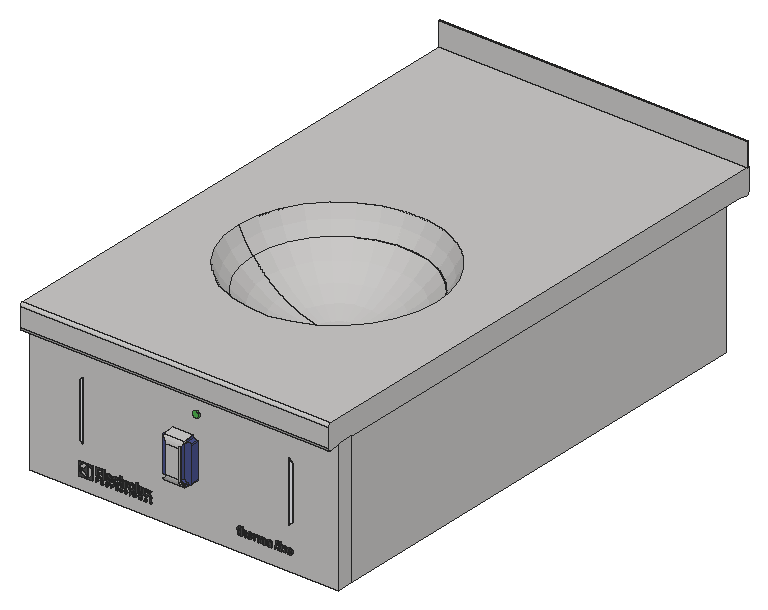
Revit family "QF_ELECTROLUXPROFESSIONAL_588511_MBIHBBEOAO", category Specialty Equipment, Revit 2023
Family settings
  Round Connector Dimension = Use Diameter
  Part Type = Normal
  Work Plane-Based = No
  Enable Cutting in Views = No
  Always vertical = Yes
  Cut with Voids When Loaded = Yes
  Maintain Annotation Orientation = No
  Shared = No
  Room Calculation Point = No
Parameters (values of type "Standard")
  Weight = 16.00 kg
  Watts = 5000 W
  Volts = 400 V
  URL Manufacturer = "https://www.electroluxprofessional.com/"
  URL = "https://www.electroluxprofessional.com/"
  Top Visibility [instance] = yes
  ThermaLine_Logo_Visible [instance] = yes
  Steam Supply Size = 0"
  Steam Supply Minimum Pressure = 0.00 psi
  Steam Supply Maximum Pressure = 0.00 psi
  Steam Consumption per Hour = 0
  Show Backsplash [instance] = yes
  Refrigeration Suction Line Size = 0 mm
  Refrigeration Liquid Line Size = 0 mm
  Refrigerant Compressor Remote = yes
  Electrolux_Logo_Visible [instance] = yes
  Default Elevation = 0 mm
  Phase = 3
  Model = "MBIHBBEOAO"
  Manufacturer = "Electrolux Professional"
  Length Actual = 500 mm  # constant formula
  Item Number = "588511"
  Hot Water Size = 0"
  Height Actual = 250 mm  # constant formula
  HP = "6.7 HP"
  Gas Size = 0"
  Gas KW = 0
  Gas Input Pressure = 0.0 Btu/h
  Direct Waste Size = 0"
  Description = "INDUCTION WOK,1 ZONE,1S,BSPL,500X850X250"
  Depth Actual = 850 mm  # constant formula
  Cycle = 50 Hz
  Condensate Return Size = 0"
  Compressed Air Volume = 0 GPM
  Compressed Air Size = 0"
  Compressed Air Pressure = 0.00 psi
  Cold Water Size = 0"
  Accessory = yes
Reference planes
  plane 1 "BACK": y = 0
  plane 2: z = 0
  plane 3 "LEFT": x = 0
  plane 4 "RIGHT": x = 500
  plane 5 "FRONT": y = -850
  plane 6 "TOP": z = 900
  plane 7 "Center (Left/Right)": x = 250
  plane 8 "Center (Back/Front)": y = -519.75
  plane 9: y = -150
  plane 10: x = 50
  plane 11: x = 450
  plane 12: y = -100
  plane 13: y = -750
  plane 14 "EIx": x = 455
  plane 15 "EIy": y = -635
  plane 16: z = 938
  plane 17 "BaseTop": z = 650
  plane 18: y = -805
  plane 19 "CenterWok": z = 960
Forms (mm)
  Extrusion 1, solid, material "QF_Finishes_Stainless Steel"
    sketch origin (-178.969, -4572, 100) x (-1, 0, 0) y (0, -1, 0)
      loop
        line (-178.969, -4527) -> (-178.969, -3767) -> (-678.969, -3767) -> (-678.969, -4527) -> (-178.969, -4527)
    from 550 to 762.969
  Extrusion 2, solid, material "QF_Finishes_Stainless Steel"
    sketch origin (0, 0, 650) x (-1, 0, 0) y (0, -1, 0)
      loop
        circle (-455, 635) r 6.35
    from 0 to -11.851
  Extrusion 3, solid, material "QF_Finishes_Stainless Steel", visible <- "Top Visibility"
    sketch origin (250, 296.4, 1219.2) x (0, 1, 0) y (0, 0, 1)
      loop
        line (-296.4, -319.2) -> (-1141.4, -319.2)
        arc (-1141.4, -319.2) -> (-1144.935, -320.664) -> (-1146.4, -324.2) r 5
        line (-1146.4, -324.2) -> (-1146.4, -355.2)
        arc (-1146.4, -355.2) -> (-1144.971, -358.264) -> (-1141.705, -359.139) r 4
        line (-1141.705, -359.139) -> (-1126.4, -356.231) -> (-316.4, -356.231) -> (-301.094, -359.139)
        arc (-301.094, -359.139) -> (-297.829, -358.264) -> (-296.4, -355.2) r 4
        line (-296.4, -355.2) -> (-296.4, -319.2)
    from -250 to 250
  Extrusion 4, solid, material "QF_Finishes_Stainless Steel", visible <- "Show Backsplash"
    sketch origin (250, 296.4, 1219.2) x (0, 1, 0) y (0, 0, 1)
      loop
        line (-296.4, -319.2) -> (-296.4, -281.2) -> (-298.4, -281.2) -> (-298.4, -319.2) -> (-296.4, -319.2)
    from 250 to -250
  Revolve 5, void
    sketch origin (0, -519.75, 0) x (-1, 0, 0) y (0, 0, 1)
      loop
        line (-250, 900) -> (-250, 796.046)
        arc (-250, 796.046) -> (-154.368, 824.304) -> (-89.452, 900) r 175.954
        line (-89.452, 900) -> (-250, 900)
      axis (-250, 900) -> (-250, 796.046)
    angle from 0 to 360
  Revolve 6, void
    sketch origin (0, -519.75, 0) x (-1, 0, 0) y (0, 0, 1)
      loop
        line (-250, 900) -> (-250, 796.046)
        arc (-250, 796.046) -> (-154.368, 824.304) -> (-89.452, 900) r 175.954
        line (-89.452, 900) -> (-250, 900)
      axis (-250, 900) -> (-250, 796.046)
    angle from 0 to 360
Cuts and joins
  Revolve 5, Revolve 6 cuts Extrusion 3
  Revolve 5, Revolve 6 cuts Extrusion 1
Lines and regions (mm)
  symbolic lines
    curve 1: line (0, 0, 100) -> (500, 0, 100)
    curve 2: line (0, -850, 100) -> (0, 0, 100)
    curve 3: line (500, -850, 100) -> (0, -850, 100)
    curve 4: line (500, 0, 100) -> (500, -850, 100)
    curve 5: line (0, -2, 0) -> (500, -2, 0)
    curve 6: circle (250, -519.75, 0) r 160 normal (0, 0, 1)
Dimensions and locks
  plane 3 "LEFT" to plane 4 "RIGHT" = 500 mm
  locked: plane 5 "FRONT" to plane 1 "BACK" at 850
  equal spacing: plane 3 "LEFT", plane 7 "Center (Left/Right)", plane 4 "RIGHT"
  plane 5 "FRONT" to plane 8 "Center (Back/Front)" to plane 1 "BACK" = 330.25 mm, 519.75 mm
  plane 6 "TOP" to level = 900 mm  (x2)
  plane 1 "BACK" to plane 9 = 150 mm
  plane 1 "BACK" to Extrusion 2 = 635 mm
  locked: plane 14 "EIx" to plane 4 "RIGHT" at 45
  locked: plane 15 "EIy" to plane 1 "BACK" at 635
  plane 16 to plane 6 "TOP" = 38 mm
  locked: plane 12 to plane 1 "BACK" at 100
  locked: plane 5 "FRONT" to plane 13 at 100
  plane 3 "LEFT" to plane 10 = 50 mm
  plane 11 to plane 4 "RIGHT" = 50 mm
  locked: plane 6 "TOP" to plane 17 "BaseTop" at 250
  locked: plane 18 to plane 5 "FRONT" at 45
  plane 19 "CenterWok" to plane 6 "TOP" = 60 mm
  aligned and locked: level to plane 2
  aligned and locked: nested 1 to plane 18
  aligned and locked: Extrusion 1 to plane 18
  aligned and locked: Extrusion 4 to plane 3 "LEFT"
  aligned and locked: Extrusion 4 to plane 4 "RIGHT"
  aligned and locked: plane 3 "LEFT" to nested 1
Automatic sketch dimensions
  Extrusion 3 sketch curve to plane 5 "FRONT" = 0 mm
  Extrusion 3 sketch curve to plane 6 "TOP" = 0 mm
  Extrusion 3 sketch curve to plane 1 "BACK" = 0 mm
  Extrusion 3 sketch curve to plane 5 "FRONT" = 4 mm
  Extrusion 3 sketch curve to Extrusion 3 sketch curve = 0.695 mm
  Extrusion 3 sketch curve to plane 5 "FRONT" = 5 mm
  Extrusion 3 sketch curve to Extrusion 3 sketch curve = 15.305 mm
  plane 1 "BACK" to Extrusion 3 sketch curve = 20 mm
  plane 1 "BACK" to Extrusion 3 sketch curve = 4.695 mm
  Extrusion 3 sketch curve to Extrusion 3 sketch curve = 4 mm
  Extrusion 3 sketch curve to Extrusion 3 sketch curve = 31 mm
  Extrusion 3 sketch curve to plane 6 "TOP" = 36 mm
  Extrusion 3 sketch curve to Extrusion 3 sketch curve = 2.909 mm
  Extrusion 1 sketch curve to plane 4 "RIGHT" = 0 mm
  Extrusion 1 sketch curve to plane 3 "LEFT" = 0 mm
  plane 1 "BACK" to Extrusion 1 sketch curve = 45 mm
  plane 1 "BACK" to curve 1 = 0 mm
  curve 1 to plane 4 "RIGHT" = 0 mm
  curve 2 to plane 3 "LEFT" = 0 mm
  plane 5 "FRONT" to curve 3 = 0 mm
  Extrusion 2 sketch curve to plane 14 "EIx" = 0 mm
  Extrusion 2 sketch curve to plane 15 "EIy" = 0 mm
  Extrusion 1 sketch curve to plane 5 "FRONT" = 45 mm
  Extrusion 4 sketch curve to plane 6 "TOP" = 0 mm
  Extrusion 4 sketch curve to plane 16 = 0 mm
  Extrusion 4 sketch curve to plane 1 "BACK" = 0 mm
  Extrusion 4 sketch curve to Extrusion 4 sketch curve = 2 mm
  curve 5 to plane 3 "LEFT" = 0 mm
  curve 6 to plane 7 "Center (Left/Right)" = 0 mm
  curve 5 to plane 4 "RIGHT" = 0 mm
  curve 6 to plane 8 "Center (Back/Front)" = 0 mm
  plane 1 "BACK" to curve 5 = 2 mm
  Revolve 5 sketch curve to plane 7 "Center (Left/Right)" = 0 mm  (x2)
  Revolve 5 sketch curve to Revolve 5 sketch curve = 170 mm
  plane 3 "LEFT" to Revolve 5 sketch curve = 89.452 mm
  Revolve 5 sketch curve to plane 6 "TOP" = 0 mm
  plane 19 "CenterWok" to Revolve 5 sketch curve = 12 mm
  Revolve 5 sketch curve to Revolve 5 sketch curve = 0 mm
  Revolve 6 sketch curve to plane 7 "Center (Left/Right)" = 0 mm  (x2)
  Revolve 6 sketch curve to plane 6 "TOP" = 0 mm
  Revolve 6 sketch curve to plane 10 = 39.452 mm
  Revolve 6 sketch curve to plane 6 "TOP" = 103.954 mm
  Revolve 6 sketch curve to Revolve 6 sketch curve = 0 mm
  Revolve 6 sketch curve to Revolve 6 sketch curve = 170 mm
  radius of Extrusion 2 sketch curve = 6.35 mm
  radius of curve 6 = 160 mm
Nested families
  nested 1: "Front_Panel_W500_Center Knobs_Spie" at (52.376, -805, 0), type "Front_Panel_W500_Center Knobs_Spie"
  nested 2: "ELX_Professional_Logo_Small" at (139.486, -830, 680.798) x (1, 0, 0) z (0, -1, 0), visible <- "Electrolux_Logo_Visible", type "ELX_Professional_Logo_Small"
    with Show Logo yes, Material_Logo QF_Finishes_Black
  nested 3: "ELX_ThermaLine_Small" at (376.672, -830, 680.798) x (1, 0, 0) z (0, -1, 0), visible <- "ThermaLine_Logo_Visible", type "ELX_ThermaLine_Small"
    with Show Logo yes, Material_Logo QF_Finishes_Black
Connectors
  electrical at (455, -635, 638.149)
    settings: on Extrusion 2, index 1, voltage 400 V, apparent load 33000 VA, apparent load phase1 0 VA, apparent load phase2 0 VA, apparent load phase3 0 VA, power factor 1, load classification "Other", number of poles 1, system type 30, power factor state 1, is connector primary yes, connector utility no, sub classification motor no, connector description "ELECTRICAL CONNECTION"
Definition of nested family "Front_Panel_W500_Center Knobs_Spie"
  Parameters (values of type "Front_Panel_W500_Center Knobs_Spie")
    Default Elevation = 0 mm
  Reference planes
    plane 1 "Center (Front/Back)": y = 0
    plane 2: z = 0
    plane 3 "Center (Left/Right)": x = 197.624
    plane 4 "Left": x = -52.376
    plane 5 "Right": x = 447.624
    plane 6: y = -45
    plane 7 "Panel": y = -25
  Forms (mm)
    Extrusion 1, solid
      sketch origin (833.217, 829.203, -1.25) x (0, 1, 0) y (0, 0, 1)
        loop
          line (-854.203, 651.25) -> (-829.203, 651.25) -> (-829.203, 864.25) -> (-854.203, 864.25) -> (-854.203, 651.25)
      from -885.593 to -385.593
    Extrusion 2, void
      sketch origin (0, -25, -10) x (0, 0, 1) y (-1, 0, 0)
        loop
          line (731.866, -27.624) -> (726.866, -32.624) -> (823.866, -32.624) -> (818.866, -27.624) -> (731.866, -27.624)
        loop
          line (731.866, -372.624) -> (818.866, -372.624) -> (823.866, -367.624) -> (726.866, -367.624) -> (731.866, -372.624)
      from 0 to -2
    Extrusion 3, solid
      sketch origin (230, -25, 1.163) x (0, 0, 1) y (-1, 0, 0)
        loop
          circle (824.337, 12.376) r 5
      from 0 to 1.7
    Extrusion 4, solid
      sketch origin (0, -25, -10) x (0, 0, 1) y (-1, 0, 0)
        loop
          line (731.866, -27.624) -> (726.866, -32.624) -> (823.866, -32.624) -> (818.866, -27.624) -> (731.866, -27.624)
        loop
          line (726.866, -367.624) -> (731.866, -372.624) -> (818.866, -372.624) -> (823.866, -367.624) -> (726.866, -367.624)
      from 0 to -2
  Cuts and joins
    Extrusion 2 cuts Extrusion 1
  Dimensions and locks
    equal spacing: plane 5 "Right", plane 3 "Center (Left/Right)", plane 4 "Left"
    plane 5 "Right" to plane 4 "Left" = 500 mm
    aligned and locked: cut or joined group of Extrusion 1, Extrusion 2 to plane 4 "Left"
    aligned and locked: plane 5 "Right" to cut or joined group of Extrusion 1, Extrusion 2
  Automatic sketch dimensions
    Extrusion 1 sketch curve to plane 7 "Panel" = 0 mm
    Extrusion 1 sketch curve to plane 1 "Center (Front/Back)" = 0 mm
    Extrusion 2 sketch curve to Extrusion 2 sketch curve = 5 mm  (x6)
    Extrusion 4 sketch curve to Extrusion 4 sketch curve = 5 mm  (x6)
    Extrusion 2 sketch curve to plane 5 "Right" = 80 mm
    Extrusion 4 sketch curve to plane 5 "Right" = 80 mm
    plane 4 "Left" to Extrusion 2 sketch curve = 85 mm
    plane 4 "Left" to Extrusion 4 sketch curve = 85 mm
    level to Extrusion 1 sketch curve = 650 mm
    Extrusion 1 sketch curve to Extrusion 1 sketch curve = 213 mm
    level to Extrusion 2 sketch curve = 716.866 mm
    Extrusion 2 sketch curve to Extrusion 2 sketch curve = 0 mm
    Extrusion 2 sketch curve to Extrusion 2 sketch curve = 87 mm  (x2)
    level to Extrusion 3 sketch curve = 825.5 mm
    level to Extrusion 4 sketch curve = 716.866 mm
    Extrusion 4 sketch curve to Extrusion 4 sketch curve = 0 mm
    Extrusion 4 sketch curve to Extrusion 4 sketch curve = 87 mm  (x2)
    plane 3 "Center (Left/Right)" to Extrusion 3 sketch curve = 20 mm
    radius of Extrusion 3 sketch curve = 5 mm
  Nested families
    nested 1: "Range Control Handle" at (197.624, -28.137, -209.113) x (-1, 0, 0) z (0, 0, 1), type "Range Control Handle"
  Definition of nested family "Range Control Handle"
    Parameters (values of type "Range Control Handle")
      Default Elevation = 0 mm
    Reference planes
      plane 1 "Center (Front/Back)": y = 0
      plane 2: z = 0
      plane 3 "Center (Left/Right)": x = 0
      plane 4: z = 971.092
      plane 5: y = -16.9
    Forms (mm)
      Extrusion 1, solid
        sketch origin (-746.28, 380.497, 208.931) x (-1, 0, 0) y (0, 0, 1)
          loop
            line (-770.101, 786.798) -> (-770.101, 731.649)
            arc (-770.101, 731.649) -> (-769.759, 730.563) -> (-768.855, 729.87) r 1.893
            line (-768.855, 729.87) -> (-763.474, 727.911) -> (-729.81, 727.911) -> (-724.428, 729.87)
            arc (-724.428, 729.87) -> (-723.525, 730.563) -> (-723.183, 731.649) r 1.893
            line (-723.183, 731.649) -> (-723.183, 786.798)
            arc (-723.183, 786.798) -> (-723.529, 787.894) -> (-724.44, 788.593) r 1.91
            line (-724.44, 788.593) -> (-729.683, 790.819) -> (-763.601, 790.819) -> (-768.844, 788.593)
            arc (-768.844, 788.593) -> (-769.755, 787.894) -> (-770.101, 786.798) r 1.91
        from -397.397 to -378.852
      Sweep 2, solid
        path origin (-746.788, 380.496, 208.091) x (0, -1, 0) y (0, 0, 1)
          loop
            line (379.775, 793.281) -> (395.661, 791.048)
            arc (395.661, 791.048) -> (397.781, 787.377) -> (398.517, 783.202) r 12.207
            line (398.517, 783.202) -> (398.517, 737.368)
            arc (398.517, 737.368) -> (397.781, 733.193) -> (395.661, 729.522) r 12.207
            line (395.661, 729.522) -> (379.775, 727.289)
        profile origin (-746.788, -7.222, 1000.256) x (0, -0.139173, 0.990268) y (-1, 0, 0)
          loop
            line (0.782, -763.123) -> (0.782, -730.907) -> (-1.322, -730.907) -> (-1.322, -763.123) -> (0.782, -763.123)
      Sweep 3, solid
        path origin (-746.788, 380.715, 207.832) x (0, -1, 0) y (0, 0, 1)
          loop
            line (380.478, 795.442) -> (397.218, 793.09)
            arc (397.218, 793.09) -> (399.929, 788.473) -> (400.871, 783.202) r 15.207
            line (400.871, 783.202) -> (400.871, 737.584)
            arc (400.871, 737.584) -> (399.914, 732.274) -> (397.164, 727.633) r 15.207
            line (397.164, 727.633) -> (380.601, 725.305)
        profile origin (-746.788, -8.132, 1002.099) x (0, -0.139173, 0.990268) y (-1, 0, 0)
          loop
            line (0.782, -763.123) -> (0.782, -730.907) -> (-1.322, -730.907) -> (-1.322, -763.123) -> (0.782, -763.123)
      Extrusion 4, void
        sketch origin (889.253, 220.666, 207.993) x (1, 0, 0) y (0, 0, 1)
          loop
            line (-943.038, 816.854) -> (-943.038, 703.686) -> (-899.466, 734.196) -> (-899.466, 786.344) -> (-943.038, 816.854)
        from 230.636 to 242.25
      Extrusion 5, void
        sketch origin (-888.8, 220.666, 207.993) x (-1, 0, 0) y (0, 0, -1)
          loop
            line (-943.038, -816.854) -> (-899.466, -786.344) -> (-899.466, -734.196) -> (-943.038, -703.686) -> (-943.038, -816.854)
        from 230.636 to 242.25
      Extrusion 6, solid
        sketch origin (0, 0, 0) x (1, 0, 0) y (0, 0, 1)
          loop
            circle (0, 971.092) r 7.736
        from -3.137 to -1.645
    Cuts and joins
      Extrusion 4, Extrusion 5 cuts Sweep 3
      Extrusion 4, Extrusion 5 cuts Sweep 2
      Extrusion 4, Extrusion 5 cuts Extrusion 1
      joined: Extrusion 1, Extrusion 6
    Lines and regions (mm)
      symbolic lines
        curve 1: line (16.334, -16.9, 0) -> (16.334, -19.227, 0)
        curve 2: spline (16.334, -19.227, 0) -> (15.87, -19.385, 0) -> (15.404, -19.536, 0) -> (14.936, -19.678, 0) -> (14.466, -19.813, 0) -> (13.995, -19.94, 0) -> (13.523, -20.059, 0) -> (13.049, -20.171, 0) -> (12.575, -20.274, 0) -> (12.099, -20.37, 0) -> (11.622, -20.458, 0) -> (11.144, -20.537, 0) -> (10.666, -20.609, 0)
        curve 3: line (10.666, -16.9, 0) -> (10.666, -20.938, 0)
        curve 4: line (-10.213, -20.938, 0) -> (10.666, -20.938, 0)
        curve 5: line (-10.213, -20.938, 0) -> (-10.213, -16.9, 0)
        curve 6: spline (-10.213, -20.609, 0) -> (-10.691, -20.537, 0) -> (-11.169, -20.458, 0) -> (-11.646, -20.37, 0) -> (-12.122, -20.274, 0) -> (-12.597, -20.171, 0) -> (-13.07, -20.059, 0) -> (-13.542, -19.94, 0) -> (-14.013, -19.813, 0) -> (-14.483, -19.678, 0) -> (-14.951, -19.536, 0) -> (-15.417, -19.385, 0) -> (-15.881, -19.227, 0)
        curve 7: line (-15.881, -19.227, 0) -> (-15.881, -16.9, 0)
Definition of nested family "ELX_Professional_Logo_Small"
  Parameters (values of type "ELX_Professional_Logo_Small")
    Show Logo [instance] = yes
    Material_Logo [instance] = none
    Default Elevation = 0 mm
  Reference planes
    plane 1 "Centro (Fronte/Retro)": y = 0
    plane 2: z = 0
    plane 3 "Centro (Sinistra/Destra)": x = 0
  Forms (mm)
    Extrusion 1, solid
      sketch origin (0, 0, 0) x (1, 0, 0) y (0, 1, 0)
        loop
          line (-1219.2, 1219.2) -> (-1219.2, -1219.2) -> (1219.2, -1219.2) -> (1219.2, 1219.2) -> (-1219.2, 1219.2)
      from 0 to -304.8
    Extrusion 2, solid, material <- "Material_Logo"
      sketch origin (15.5, 0, 0) x (1, 0, 0) y (0, 1, 0)
        loop
          spline (-42.99, -1.24) -> (-43.195, -1.231) -> (-43.415, -1.203) -> (-43.642, -1.152) -> (-43.87, -1.074) -> (-44.095, -0.966) -> (-44.309, -0.825) -> (-44.506, -0.647) -> (-44.681, -0.429) -> (-44.828, -0.167) -> (-44.94, 0.142) -> (-45.011, 0.501) -> (-45.037, 0.915)
          line (-45.037, 0.915) -> (-45.037, 2.748) -> (-38.984, 2.748) -> (-38.984, 5.086) -> (-45.038, 5.086) -> (-45.038, 8.489) -> (-38.599, 8.489) -> (-38.599, 10.82) -> (-47.515, 10.82) -> (-47.515, 1.021)
          spline (-47.515, 1.021) -> (-47.493, 0.418) -> (-47.425, -0.15) -> (-47.311, -0.682) -> (-47.15, -1.175) -> (-46.939, -1.628) -> (-46.678, -2.038) -> (-46.365, -2.404) -> (-46, -2.723) -> (-45.58, -2.995) -> (-45.105, -3.216) -> (-44.573, -3.385) -> (-43.983, -3.499)
          line (-43.983, -3.499) -> (-43.01, -3.569) -> (-38.426, -3.569) -> (-38.426, -1.24) -> (-42.99, -1.24)
        loop
          line (-36.666, 4.021) -> (-36.666, -3.573) -> (-34.188, -3.573) -> (-34.188, 10.824) -> (-36.666, 10.824) -> (-36.666, 4.021)
        loop
          spline (-21.915, 1.897) -> (-21.957, 2.615) -> (-22.082, 3.303) -> (-22.285, 3.955) -> (-22.563, 4.564) -> (-22.913, 5.124) -> (-23.331, 5.629) -> (-23.814, 6.074) -> (-24.359, 6.451) -> (-24.961, 6.755) -> (-25.618, 6.98) -> (-26.326, 7.119) -> (-27.081, 7.167)
          spline (-27.081, 7.167) -> (-27.853, 7.122) -> (-28.586, 6.99) -> (-29.275, 6.774) -> (-29.915, 6.478) -> (-30.5, 6.104) -> (-31.024, 5.657) -> (-31.483, 5.138) -> (-31.871, 4.553) -> (-32.182, 3.904) -> (-32.411, 3.194) -> (-32.552, 2.427) -> (-32.6, 1.606)
          spline (-32.6, 1.606) -> (-32.553, 0.805) -> (-32.416, 0.057) -> (-32.193, -0.637) -> (-31.887, -1.271) -> (-31.504, -1.843) -> (-31.048, -2.35) -> (-30.523, -2.788) -> (-29.934, -3.154) -> (-29.284, -3.444) -> (-28.579, -3.656) -> (-27.822, -3.785) -> (-27.019, -3.829)
          spline (-27.019, -3.829) -> (-26.627, -3.82) -> (-26.239, -3.79) -> (-25.856, -3.739) -> (-25.477, -3.663) -> (-25.103, -3.562) -> (-24.734, -3.432) -> (-24.369, -3.273) -> (-24.01, -3.082) -> (-23.655, -2.858) -> (-23.305, -2.597) -> (-22.96, -2.299) -> (-22.621, -1.962)
          line (-22.621, -1.962) -> (-24.114, -0.509)
          spline (-24.114, -0.509) -> (-24.311, -0.699) -> (-24.509, -0.872) -> (-24.71, -1.03) -> (-24.915, -1.172) -> (-25.126, -1.297) -> (-25.346, -1.407) -> (-25.576, -1.5) -> (-25.817, -1.576) -> (-26.072, -1.636) -> (-26.342, -1.678) -> (-26.629, -1.704) -> (-26.936, -1.713)
          spline (-26.936, -1.713) -> (-27.384, -1.691) -> (-27.805, -1.625) -> (-28.196, -1.518) -> (-28.556, -1.372) -> (-28.882, -1.187) -> (-29.174, -0.966) -> (-29.429, -0.71) -> (-29.645, -0.422) -> (-29.821, -0.102) -> (-29.955, 0.247) -> (-30.045, 0.623) -> (-30.089, 1.026)
          line (-30.089, 1.026) -> (-21.956, 1.026) -> (-21.915, 1.897)
        loop
          spline (-24.446, 2.769) -> (-24.47, 3.075) -> (-24.54, 3.37) -> (-24.654, 3.65) -> (-24.807, 3.913) -> (-24.996, 4.156) -> (-25.219, 4.376) -> (-25.472, 4.57) -> (-25.753, 4.736) -> (-26.057, 4.869) -> (-26.382, 4.968) -> (-26.724, 5.03) -> (-27.081, 5.051)
          spline (-27.081, 5.051) -> (-27.464, 5.03) -> (-27.832, 4.97) -> (-28.183, 4.872) -> (-28.513, 4.74) -> (-28.819, 4.577) -> (-29.099, 4.384) -> (-29.347, 4.165) -> (-29.563, 3.923) -> (-29.742, 3.659) -> (-29.881, 3.377) -> (-29.977, 3.079) -> (-30.027, 2.769)
          line (-30.027, 2.769) -> (-24.446, 2.769)
        loop
          spline (-18.167, 1.669) -> (-18.138, 2.13) -> (-18.055, 2.567) -> (-17.921, 2.978) -> (-17.739, 3.358) -> (-17.512, 3.705) -> (-17.243, 4.016) -> (-16.937, 4.287) -> (-16.596, 4.517) -> (-16.223, 4.7) -> (-15.823, 4.835) -> (-15.398, 4.919) -> (-14.951, 4.947)
          spline (-14.951, 4.947) -> (-14.677, 4.938) -> (-14.414, 4.913) -> (-14.162, 4.871) -> (-13.921, 4.812) -> (-13.69, 4.738) -> (-13.467, 4.649) -> (-13.254, 4.544) -> (-13.048, 4.424) -> (-12.85, 4.291) -> (-12.659, 4.143) -> (-12.474, 3.981) -> (-12.295, 3.806)
          line (-12.295, 3.806) -> (-10.76, 5.403)
          spline (-10.76, 5.403) -> (-11.065, 5.709) -> (-11.38, 5.984) -> (-11.703, 6.228) -> (-12.035, 6.443) -> (-12.375, 6.63) -> (-12.723, 6.788) -> (-13.078, 6.92) -> (-13.44, 7.026) -> (-13.809, 7.107) -> (-14.184, 7.164) -> (-14.564, 7.198) -> (-14.951, 7.209)
          spline (-14.951, 7.209) -> (-15.725, 7.161) -> (-16.467, 7.02) -> (-17.169, 6.792) -> (-17.826, 6.482) -> (-18.43, 6.096) -> (-18.976, 5.637) -> (-19.455, 5.112) -> (-19.862, 4.525) -> (-20.19, 3.882) -> (-20.433, 3.189) -> (-20.584, 2.449) -> (-20.635, 1.669)
          spline (-20.635, 1.669) -> (-20.584, 0.889) -> (-20.433, 0.149) -> (-20.19, -0.545) -> (-19.862, -1.187) -> (-19.455, -1.774) -> (-18.976, -2.299) -> (-18.43, -2.758) -> (-17.826, -3.145) -> (-17.169, -3.454) -> (-16.467, -3.682) -> (-15.725, -3.823) -> (-14.951, -3.871)
          spline (-14.951, -3.871) -> (-14.564, -3.86) -> (-14.184, -3.826) -> (-13.809, -3.77) -> (-13.44, -3.689) -> (-13.078, -3.583) -> (-12.723, -3.451) -> (-12.375, -3.292) -> (-12.035, -3.105) -> (-11.703, -2.89) -> (-11.38, -2.646) -> (-11.065, -2.371) -> (-10.76, -2.066)
          line (-10.76, -2.066) -> (-12.295, -0.468)
          spline (-12.295, -0.468) -> (-12.474, -0.643) -> (-12.659, -0.805) -> (-12.85, -0.953) -> (-13.048, -1.087) -> (-13.254, -1.206) -> (-13.467, -1.311) -> (-13.69, -1.4) -> (-13.921, -1.475) -> (-14.162, -1.533) -> (-14.414, -1.575) -> (-14.677, -1.6) -> (-14.951, -1.609)
          spline (-14.951, -1.609) -> (-15.398, -1.581) -> (-15.823, -1.497) -> (-16.223, -1.362) -> (-16.596, -1.179) -> (-16.937, -0.95) -> (-17.243, -0.678) -> (-17.512, -0.367) -> (-17.739, -0.02) -> (-17.921, 0.36) -> (-18.055, 0.771) -> (-18.138, 1.208) -> (-18.167, 1.669)
        loop
          spline (-4.441, -1.243) -> (-4.659, -1.247) -> (-4.894, -1.23) -> (-5.137, -1.19) -> (-5.384, -1.121) -> (-5.628, -1.021) -> (-5.864, -0.884) -> (-6.084, -0.708) -> (-6.283, -0.488) -> (-6.454, -0.219) -> (-6.592, 0.101) -> (-6.69, 0.478) -> (-6.742, 0.914)
          line (-6.742, 0.914) -> (-6.742, 4.587) -> (-4.487, 4.587) -> (-4.487, 6.838) -> (-6.738, 6.838) -> (-6.738, 10.824) -> (-9.217, 10.824) -> (-9.217, 0.773)
          spline (-9.217, 0.773) -> (-9.164, 0.19) -> (-9.068, -0.358) -> (-8.928, -0.87) -> (-8.742, -1.343) -> (-8.511, -1.777) -> (-8.232, -2.168) -> (-7.904, -2.515) -> (-7.527, -2.816) -> (-7.098, -3.069) -> (-6.618, -3.273) -> (-6.084, -3.426) -> (-5.496, -3.525)
          line (-5.496, -3.525) -> (-4.45, -3.573) -> (-4.441, -1.243)
        loop
          spline (3.898, 6.983) -> (3.469, 7.009) -> (3.056, 7.001) -> (2.661, 6.961) -> (2.283, 6.888) -> (1.925, 6.785) -> (1.588, 6.652) -> (1.272, 6.49) -> (0.979, 6.301) -> (0.71, 6.085) -> (0.465, 5.844) -> (0.247, 5.578) -> (0.056, 5.289)
          line (0.056, 5.289) -> (0.056, 6.838) -> (-2.402, 6.838) -> (-2.402, -3.572) -> (0.056, -3.572) -> (0.056, 1.901)
          spline (0.056, 1.901) -> (0.079, 2.316) -> (0.145, 2.703) -> (0.254, 3.06) -> (0.404, 3.386) -> (0.592, 3.679) -> (0.818, 3.938) -> (1.08, 4.162) -> (1.375, 4.348) -> (1.703, 4.495) -> (2.062, 4.602) -> (2.45, 4.668) -> (2.865, 4.69)
          line (2.865, 4.69) -> (3.898, 4.586) -> (3.898, 6.983)
        loop
          spline (15.638, 1.633) -> (15.586, 2.396) -> (15.435, 3.124) -> (15.192, 3.81) -> (14.863, 4.449) -> (14.455, 5.034) -> (13.975, 5.56) -> (13.43, 6.021) -> (12.826, 6.411) -> (12.17, 6.724) -> (11.469, 6.955) -> (10.729, 7.098) -> (9.958, 7.147)
          spline (9.958, 7.147) -> (9.182, 7.098) -> (8.44, 6.955) -> (7.737, 6.724) -> (7.081, 6.411) -> (6.477, 6.021) -> (5.933, 5.56) -> (5.454, 5.034) -> (5.048, 4.449) -> (4.721, 3.81) -> (4.479, 3.124) -> (4.329, 2.396) -> (4.277, 1.633)
          spline (4.277, 1.633) -> (4.329, 0.869) -> (4.479, 0.141) -> (4.721, -0.544) -> (5.048, -1.183) -> (5.454, -1.768) -> (5.933, -2.294) -> (6.477, -2.755) -> (7.081, -3.145) -> (7.737, -3.459) -> (8.44, -3.69) -> (9.182, -3.833) -> (9.958, -3.882)
          spline (9.958, -3.882) -> (10.729, -3.833) -> (11.469, -3.69) -> (12.17, -3.459) -> (12.826, -3.145) -> (13.43, -2.755) -> (13.975, -2.294) -> (14.455, -1.768) -> (14.863, -1.183) -> (15.192, -0.544) -> (15.435, 0.141) -> (15.586, 0.869) -> (15.638, 1.633)
        loop
          spline (13.18, 1.633) -> (13.151, 2.083) -> (13.067, 2.513) -> (12.932, 2.918) -> (12.748, 3.296) -> (12.52, 3.642) -> (12.251, 3.954) -> (11.943, 4.227) -> (11.601, 4.459) -> (11.228, 4.645) -> (10.828, 4.782) -> (10.403, 4.867) -> (9.958, 4.896)
          spline (9.958, 4.896) -> (9.509, 4.867) -> (9.081, 4.782) -> (8.679, 4.645) -> (8.306, 4.459) -> (7.964, 4.227) -> (7.658, 3.954) -> (7.39, 3.642) -> (7.163, 3.296) -> (6.981, 2.918) -> (6.847, 2.513) -> (6.765, 2.083) -> (6.736, 1.633)
          spline (6.736, 1.633) -> (6.765, 1.182) -> (6.847, 0.753) -> (6.981, 0.347) -> (7.163, -0.031) -> (7.39, -0.377) -> (7.658, -0.689) -> (7.964, -0.962) -> (8.306, -1.193) -> (8.679, -1.38) -> (9.081, -1.517) -> (9.509, -1.602) -> (9.958, -1.631)
          spline (9.958, -1.631) -> (10.403, -1.602) -> (10.828, -1.517) -> (11.228, -1.38) -> (11.601, -1.193) -> (11.943, -0.962) -> (12.251, -0.689) -> (12.52, -0.377) -> (12.748, -0.031) -> (12.932, 0.347) -> (13.067, 0.753) -> (13.151, 1.182) -> (13.18, 1.633)
        loop
          line (17.162, 4.269) -> (17.162, -3.573) -> (19.642, -3.573) -> (19.642, 10.824) -> (17.162, 10.824) -> (17.162, 4.269)
        loop
          line (28.581, 6.838) -> (28.581, 0.786)
          spline (28.581, 0.786) -> (28.561, 0.393) -> (28.503, 0.038) -> (28.409, -0.279) -> (28.281, -0.559) -> (28.122, -0.802) -> (27.933, -1.011) -> (27.717, -1.185) -> (27.476, -1.325) -> (27.213, -1.433) -> (26.929, -1.509) -> (26.626, -1.554) -> (26.308, -1.569)
          spline (26.308, -1.569) -> (25.99, -1.554) -> (25.688, -1.509) -> (25.404, -1.434) -> (25.141, -1.326) -> (24.9, -1.187) -> (24.684, -1.014) -> (24.496, -0.807) -> (24.336, -0.565) -> (24.209, -0.288) -> (24.115, 0.026) -> (24.057, 0.376) -> (24.037, 0.765)
          line (24.037, 0.765) -> (24.037, 6.838) -> (21.537, 6.838) -> (21.537, 0.558)
          spline (21.537, 0.558) -> (21.581, -0.153) -> (21.71, -0.8) -> (21.916, -1.384) -> (22.195, -1.904) -> (22.54, -2.362) -> (22.944, -2.757) -> (23.403, -3.09) -> (23.909, -3.362) -> (24.456, -3.572) -> (25.04, -3.722) -> (25.652, -3.811) -> (26.288, -3.841)
          spline (26.288, -3.841) -> (26.929, -3.811) -> (27.547, -3.72) -> (28.135, -3.568) -> (28.687, -3.355) -> (29.197, -3.079) -> (29.66, -2.741) -> (30.068, -2.341) -> (30.415, -1.877) -> (30.696, -1.349) -> (30.905, -0.757) -> (31.034, -0.101) -> (31.079, 0.621)
          line (31.079, 0.621) -> (31.079, 6.838) -> (28.581, 6.838)
        loop
          line (40.457, -0.243) -> (38.894, 1.942) -> (40.83, 4.579) -> (42.488, 6.837) -> (39.782, 6.837) -> (37.53, 3.719) -> (35.258, 6.837) -> (32.573, 6.837) -> (34.113, 4.731) -> (36.167, 1.922) -> (34.014, -1.076) -> (32.222, -3.573) -> (34.887, -3.573) -> (37.53, 0.104) -> (40.174, -3.573) -> (42.839, -3.573) -> (40.457, -0.243)
        loop
          line (-46.121, -5.837) -> (-48.039, -5.837) -> (-48.039, -10.814) -> (-47.016, -10.814) -> (-47.016, -9.128) -> (-46.121, -9.128)
          arc (-46.121, -9.128) -> (-44.476, -7.482) -> (-46.121, -5.837) r 1.645
        loop
          line (-46.163, -6.778) -> (-47.016, -6.778) -> (-47.016, -8.187) -> (-46.163, -8.187)
          arc (-46.163, -8.187) -> (-45.458, -7.482) -> (-46.163, -6.778) r 0.704
        loop
          line (-38.313, -5.837) -> (-40.265, -5.837) -> (-40.265, -10.814) -> (-39.241, -10.814) -> (-39.241, -9.1) -> (-38.46, -9.182) -> (-37.48, -10.814) -> (-36.318, -10.814) -> (-37.513, -8.848)
          arc (-37.513, -8.848) -> (-36.888, -8.266) -> (-36.671, -7.441) r 1.536
          arc (-36.671, -7.441) -> (-37.165, -6.305) -> (-38.313, -5.837) r 1.643
        loop
          arc (-38.402, -8.166) -> (-37.707, -7.505) -> (-38.334, -6.778) r 0.696
          line (-38.334, -6.778) -> (-39.241, -6.778) -> (-39.241, -8.166) -> (-38.402, -8.166)
        loop
          circle (-29.965, -8.325) r 2.585
        loop
          circle (-29.965, -8.325) r 1.64
        loop
          line (-23.1, -5.837) -> (-23.1, -10.814) -> (-22.076, -10.814) -> (-22.076, -8.768) -> (-20.204, -8.768) -> (-20.204, -7.828) -> (-22.076, -7.828) -> (-22.076, -6.778) -> (-20.024, -6.778) -> (-20.024, -5.837) -> (-23.1, -5.837)
        loop
          line (-15.802, -5.837) -> (-15.802, -9.2)
          arc (-15.802, -9.2) -> (-15.343, -10.34) -> (-14.209, -10.814) r 1.593
          line (-14.209, -10.814) -> (-12.602, -10.814) -> (-12.602, -10.027) -> (-14.004, -10.027)
          arc (-14.004, -10.027) -> (-14.552, -9.8) -> (-14.779, -9.252) r 0.775
          line (-14.779, -9.252) -> (-14.779, -8.424) -> (-12.789, -8.424) -> (-12.789, -7.642) -> (-14.779, -7.642) -> (-14.779, -6.778) -> (-12.651, -6.778) -> (-12.651, -5.837) -> (-15.802, -5.837)
        loop
          line (-5.909, -7.143) -> (-5.173, -6.638)
          arc (-5.173, -6.638) -> (-5.855, -5.974) -> (-6.781, -5.755) r 1.782
          arc (-6.781, -5.755) -> (-7.397, -5.878) -> (-7.944, -6.189) r 1.974
          arc (-7.944, -6.189) -> (-8.202, -6.5) -> (-8.317, -6.888) r 1.013
          arc (-8.317, -6.888) -> (-8.306, -7.341) -> (-8.192, -7.78) r 1.985
          arc (-8.192, -7.78) -> (-7.749, -8.259) -> (-7.171, -8.563) r 1.928
          arc (-7.171, -8.563) -> (-6.637, -8.779) -> (-6.131, -9.056) r 5.041
          arc (-6.131, -9.056) -> (-5.934, -9.387) -> (-6.09, -9.74) r 0.42
          arc (-6.09, -9.74) -> (-6.631, -9.96) -> (-7.204, -9.845) r 1.016
          arc (-7.204, -9.845) -> (-7.625, -9.603) -> (-7.889, -9.196) r 1.033
          line (-7.889, -9.196) -> (-8.67, -9.686)
          arc (-8.67, -9.686) -> (-8.361, -10.198) -> (-7.908, -10.589) r 1.914
          arc (-7.908, -10.589) -> (-7.334, -10.834) -> (-6.714, -10.896) r 2.063
          arc (-6.714, -10.896) -> (-5.947, -10.743) -> (-5.256, -10.376) r 2.696
          arc (-5.256, -10.376) -> (-4.95, -9.565) -> (-5.108, -8.712) r 1.618
          arc (-5.108, -8.712) -> (-5.448, -8.319) -> (-5.884, -8.035) r 1.876
          arc (-5.884, -8.035) -> (-6.434, -7.789) -> (-6.999, -7.577) r 9.883
          arc (-6.999, -7.577) -> (-7.325, -7.07) -> (-6.854, -6.694) r 0.45
          arc (-6.854, -6.694) -> (-6.329, -6.809) -> (-5.909, -7.143) r 1.197
        loop
          line (1.61, -7.143) -> (2.345, -6.638)
          arc (2.345, -6.638) -> (1.663, -5.974) -> (0.737, -5.755) r 1.782
          arc (0.737, -5.755) -> (0.121, -5.878) -> (-0.425, -6.189) r 1.974
          arc (-0.425, -6.189) -> (-0.683, -6.5) -> (-0.799, -6.888) r 1.013
          arc (-0.799, -6.888) -> (-0.788, -7.341) -> (-0.674, -7.78) r 1.985
          arc (-0.674, -7.78) -> (-0.231, -8.259) -> (0.347, -8.563) r 1.928
          arc (0.347, -8.563) -> (0.881, -8.779) -> (1.387, -9.056) r 5.041
          arc (1.387, -9.056) -> (1.584, -9.387) -> (1.428, -9.74) r 0.42
          arc (1.428, -9.74) -> (0.887, -9.96) -> (0.314, -9.845) r 1.016
          arc (0.314, -9.845) -> (-0.107, -9.603) -> (-0.371, -9.196) r 1.033
          line (-0.371, -9.196) -> (-1.152, -9.686)
          arc (-1.152, -9.686) -> (-0.842, -10.198) -> (-0.39, -10.589) r 1.914
          arc (-0.39, -10.589) -> (0.184, -10.834) -> (0.804, -10.896) r 2.063
          arc (0.804, -10.896) -> (1.572, -10.743) -> (2.263, -10.376) r 2.696
          arc (2.263, -10.376) -> (2.568, -9.565) -> (2.411, -8.712) r 1.618
          arc (2.411, -8.712) -> (2.07, -8.319) -> (1.635, -8.035) r 1.876
          arc (1.635, -8.035) -> (1.084, -7.789) -> (0.519, -7.577) r 9.883
          arc (0.519, -7.577) -> (0.193, -7.07) -> (0.665, -6.694) r 0.45
          arc (0.665, -6.694) -> (1.189, -6.809) -> (1.61, -7.143) r 1.197
        loop
          line (6.801, -5.837) -> (6.801, -10.814) -> (7.825, -10.814) -> (7.825, -5.837) -> (6.801, -5.837)
        loop
          circle (14.724, -8.325) r 1.548
        loop
          circle (14.724, -8.325) r 2.585
        loop
          line (21.59, -10.814) -> (22.623, -10.814) -> (22.623, -7.685) -> (24.9, -10.814) -> (25.895, -10.814) -> (25.895, -5.837) -> (24.861, -5.837) -> (24.861, -9.061) -> (22.585, -5.837) -> (21.59, -5.837) -> (21.59, -10.814)
        loop
          line (31.054, -10.814) -> (31.539, -9.74) -> (33.38, -9.74) -> (33.865, -10.814) -> (34.965, -10.814) -> (32.46, -5.837) -> (29.956, -10.814) -> (31.054, -10.814)
        loop
          line (32.46, -7.698) -> (31.999, -8.719) -> (32.921, -8.719) -> (32.46, -7.698)
        loop
          line (40.047, -9.873) -> (40.047, -5.837) -> (39.024, -5.837) -> (39.024, -10.814) -> (41.961, -10.814) -> (41.961, -9.873) -> (40.047, -9.873)
        loop
          line (-74.986, -10.814) -> (-53.322, -10.814) -> (-53.322, 10.82) -> (-74.986, 10.82) -> (-74.986, -10.814)
        loop
          line (-61.261, 9.758) -> (-61.261, -9.707)
          arc (-61.261, -9.707) -> (-54.066, 0.025) -> (-61.261, 9.758) r 10.18
        loop
          line (-62.251, 8.349) -> (-62.251, 9.758)
          arc (-62.251, 9.758) -> (-70.347, 7.918) -> (-74.247, 0.59) r 9.976
          line (-74.247, 0.59) -> (-71.026, 0.59)
          arc (-71.026, 0.59) -> (-65.274, 2.925) -> (-62.251, 8.349) r 9.351
        loop
          arc (-74.247, -0.539) -> (-70.353, -7.928) -> (-62.251, -9.957) r 10.237
          line (-62.251, -9.957) -> (-62.251, -8.298)
          arc (-62.251, -8.298) -> (-65.274, -2.874) -> (-71.026, -0.539) r 9.351
          line (-71.026, -0.539) -> (-74.247, -0.539)
      from 0 to 0.8
  Dimensions and locks
    aligned and locked: plane 2 to Extrusion 1
    aligned and locked: level to Extrusion 1
Definition of nested family "ELX_ThermaLine_Small"
  Parameters (values of type "ELX_ThermaLine_Small")
    Show Logo [instance] = yes
    Material_Logo [instance] = none
    Default Elevation = 0 mm
  Reference planes
    plane 1 "Centro (Fronte/Retro)": y = 0
    plane 2: z = 0
    plane 3 "Centro (Sinistra/Destra)": x = 0
  Forms (mm)
    Extrusion 1, solid
      sketch origin (0, 0, 0) x (1, 0, 0) y (0, 1, 0)
        loop
          line (-1219.2, 1219.2) -> (-1219.2, -1219.2) -> (1219.2, -1219.2) -> (1219.2, 1219.2) -> (-1219.2, 1219.2)
      from 0 to -304.8
    Extrusion 2, solid
      sketch origin (0, 0, 0) x (1, 0, 0) y (0, 1, 0)
        loop
          line (-37.494, 1.229) -> (-35.908, 1.229) -> (-35.908, 3.066) -> (-37.494, 3.066) -> (-37.494, 6.221) -> (-39.867, 4.881) -> (-39.867, 3.066) -> (-40.969, 3.066) -> (-40.969, 1.229) -> (-39.867, 1.229) -> (-39.867, -3.407)
          arc (-39.867, -3.407) -> (-38.982, -5.513) -> (-36.751, -6.001) r 2.478
          line (-36.751, -6.001) -> (-35.638, -5.7) -> (-35.9, -3.835) -> (-36.661, -4.039)
          arc (-36.661, -4.039) -> (-37.236, -3.924) -> (-37.494, -3.399) r 0.662
          line (-37.494, -3.399) -> (-37.494, 1.229)
        loop
          line (-34.242, 6.539) -> (-34.242, -5.848) -> (-31.854, -5.848) -> (-31.854, -0.078)
          arc (-31.854, -0.078) -> (-30.939, 1.249) -> (-29.33, 1.367) r 1.866
          arc (-29.33, 1.367) -> (-28.695, 0.768) -> (-28.461, -0.073) r 1.627
          line (-28.461, -0.073) -> (-28.461, -5.848) -> (-26.086, -5.848) -> (-26.064, -0.46)
          arc (-26.064, -0.46) -> (-26.261, 0.932) -> (-26.786, 2.237) r 5.825
          arc (-26.786, 2.237) -> (-29.381, 3.264) -> (-31.854, 1.971) r 3.353
          line (-31.854, 1.971) -> (-31.854, 6.539) -> (-34.242, 6.539)
        loop
          arc (-18.398, -0.598) -> (-18.893, 0.879) -> (-20.326, 1.487) r 1.897
          arc (-20.326, 1.487) -> (-21.461, 0.708) -> (-21.897, -0.598) r 2.164
          line (-21.897, -0.598) -> (-18.398, -0.598)
        loop
          arc (-16.021, -2.044) -> (-16.754, 1.227) -> (-19.444, 3.226) r 4.814
          arc (-19.444, 3.226) -> (-22.137, 2.788) -> (-23.943, 0.743) r 4.054
          arc (-23.943, 0.743) -> (-24.382, -1.249) -> (-24.162, -3.276) r 6.289
          arc (-24.162, -3.276) -> (-23.302, -4.71) -> (-21.958, -5.705) r 4.28
          arc (-21.958, -5.705) -> (-18.558, -5.814) -> (-16.152, -3.409) r 4.28
          line (-16.152, -3.409) -> (-18.5, -2.995)
          arc (-18.5, -2.995) -> (-19.273, -3.994) -> (-20.533, -4.076) r 1.536
          arc (-20.533, -4.076) -> (-21.56, -3.281) -> (-21.958, -2.044) r 2.197
          line (-21.958, -2.044) -> (-16.021, -2.044)
        loop
          line (-14.165, -5.848) -> (-11.819, -5.848) -> (-11.819, -2.138)
          arc (-11.819, -2.138) -> (-11.787, -1.156) -> (-11.637, -0.185) r 8.18
          arc (-11.637, -0.185) -> (-10.644, 0.972) -> (-9.132, 0.776) r 1.603
          line (-9.132, 0.776) -> (-8.419, 2.846)
          arc (-8.419, 2.846) -> (-10.432, 3.118) -> (-11.994, 1.821) r 2.527
          line (-11.994, 1.821) -> (-11.994, 3.094) -> (-14.165, 3.094) -> (-14.165, -5.848)
        loop
          line (-7.579, 3.094) -> (-7.579, -5.848) -> (-5.178, -5.848) -> (-5.178, -0.756)
          arc (-5.178, -0.756) -> (-4.727, 0.679) -> (-3.417, 1.419) r 2.05
          arc (-3.417, 1.419) -> (-2.499, 0.908) -> (-2.155, -0.085) r 1.471
          line (-2.155, -0.085) -> (-2.155, -5.848) -> (0.23, -5.848) -> (0.23, -1.001)
          arc (0.23, -1.001) -> (0.47, 0.127) -> (1.148, 1.061) r 2.775
          arc (1.148, 1.061) -> (2.225, 1.329) -> (3.05, 0.587) r 1.182
          arc (3.05, 0.587) -> (3.199, -0.019) -> (3.214, -0.642) r 2.894
          line (3.214, -0.642) -> (3.214, -5.848) -> (5.601, -5.848) -> (5.601, 0.261)
          arc (5.601, 0.261) -> (4.87, 2.263) -> (2.976, 3.241) r 2.932
          arc (2.976, 3.241) -> (1.284, 2.973) -> (-0.047, 1.896) r 3.309
          arc (-0.047, 1.896) -> (-1.116, 2.865) -> (-2.506, 3.258) r 3.16
          arc (-2.506, 3.258) -> (-4.105, 2.942) -> (-5.376, 1.92) r 3.419
          line (-5.376, 1.92) -> (-5.376, 3.094) -> (-7.579, 3.094)
        loop
          line (7.583, 0.738) -> (9.702, 0.364)
          arc (9.702, 0.364) -> (11.441, 1.492) -> (12.855, -0.023) r 1.613
          line (12.855, -0.023) -> (9.782, -0.789)
          arc (9.782, -0.789) -> (8.559, -1.346) -> (7.617, -2.305) r 3.687
          arc (7.617, -2.305) -> (7.499, -3.681) -> (7.901, -5.003) r 3.651
          arc (7.901, -5.003) -> (9.107, -5.766) -> (10.515, -6.006) r 3.635
          arc (10.515, -6.006) -> (11.898, -5.697) -> (13.067, -4.895) r 3.734
          line (13.067, -4.895) -> (13.376, -5.848) -> (15.75, -5.848) -> (15.212, -4.193) -> (15.212, 0.38)
          arc (15.212, 0.38) -> (14.897, 1.849) -> (13.818, 2.895) r 2.585
          arc (13.818, 2.895) -> (11.792, 3.442) -> (9.719, 3.11) r 5.005
          arc (9.719, 3.11) -> (8.369, 2.178) -> (7.583, 0.738) r 3.54
        loop
          line (19.723, -5.848) -> (22.233, -5.848) -> (24.854, 6.484) -> (22.345, 6.484) -> (19.723, -5.848)
        loop
          line (24.583, -5.848) -> (26.953, -5.848) -> (28.848, 3.066) -> (26.478, 3.066) -> (24.583, -5.848)
        loop
          line (27.204, 6.484) -> (26.741, 4.305) -> (29.111, 4.305) -> (29.575, 6.484) -> (27.204, 6.484)
        loop
          line (29.355, -5.848) -> (31.849, -5.848) -> (33.098, 0.028)
          arc (33.098, 0.028) -> (34.169, 1.306) -> (35.832, 1.422) r 2.132
          arc (35.832, 1.422) -> (36.324, 0.752) -> (36.383, -0.078) r 1.5
          line (36.383, -0.078) -> (35.157, -5.848) -> (37.536, -5.848) -> (38.936, 0.738)
          arc (38.936, 0.738) -> (38.775, 2.091) -> (37.825, 3.066) r 2.118
          arc (37.825, 3.066) -> (35.392, 3.175) -> (33.295, 1.937) r 4.271
          line (33.295, 1.937) -> (33.535, 3.066) -> (31.25, 3.066) -> (29.355, -5.848)
        loop
          line (42.792, -0.64) -> (46.589, -0.64)
          arc (46.589, -0.64) -> (46.639, 0.124) -> (46.327, 0.823) r 1.589
          arc (46.327, 0.823) -> (45.117, 1.521) -> (43.762, 1.183) r 1.865
          arc (43.762, 1.183) -> (43.141, 0.344) -> (42.792, -0.64) r 3.538
        loop
          line (42.565, -2.138) -> (48.593, -2.138)
          arc (48.593, -2.138) -> (48.58, 0.597) -> (46.983, 2.818) r 4.494
          arc (46.983, 2.818) -> (44.191, 3.28) -> (41.725, 1.891) r 4.26
          arc (41.725, 1.891) -> (40.503, -0.3) -> (40.284, -2.799) r 6.003
          arc (40.284, -2.799) -> (40.959, -4.468) -> (42.377, -5.576) r 3.482
          arc (42.377, -5.576) -> (44.265, -5.961) -> (46.152, -5.576) r 4.823
          arc (46.152, -5.576) -> (47.432, -4.731) -> (48.328, -3.485) r 4.245
          line (48.328, -3.485) -> (46.168, -3.105)
          arc (46.168, -3.105) -> (45.214, -4.072) -> (43.859, -4.181) r 1.953
          arc (43.859, -4.181) -> (42.821, -3.408) -> (42.565, -2.138) r 1.81
        loop
          line (12.868, -1.553) -> (10.216, -2.214)
          arc (10.216, -2.214) -> (9.747, -3.136) -> (10.216, -4.058) r 1.14
          arc (10.216, -4.058) -> (11.537, -4.249) -> (12.614, -3.46) r 1.763
          arc (12.614, -3.46) -> (12.858, -2.522) -> (12.868, -1.553) r 3.97
      from 0 to 0.8
  Dimensions and locks
    aligned and locked: plane 2 to Extrusion 1
    aligned and locked: level to Extrusion 1
